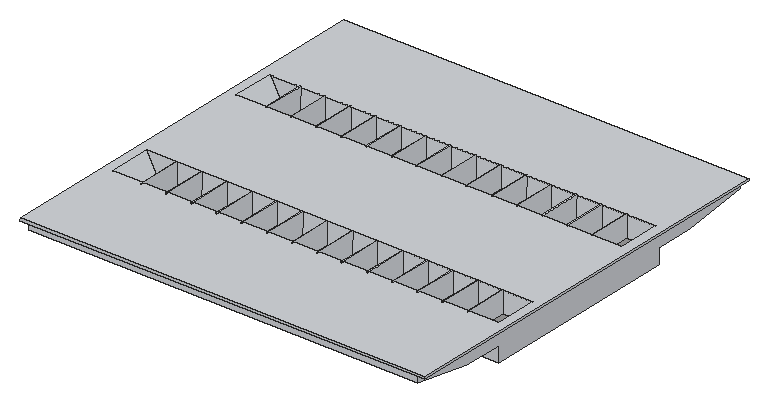
Revit family "0052586 Sylvania Lighting Fixture RANA NEO 3300LM REC 600x600 830 SSC EM 2L WHITE", category Lighting Fixtures, host Face, Revit 2016
Family settings
  Host = Face
  Part Type = Normal
  Round Connector Dimension = Use Diameter
  OmniClass Number = 23.80.70.00
  OmniClass Title = Lighting
  Cut with Voids When Loaded = No
  Light Source = Yes
  Shared = No
  Room Calculation Point = No
Parameters (values of type "0052586 RANA NEO 3300LM R 600 830 SSC EM 2L WHT")
  fin7 = 37 mm
  fin3 = 332 mm
  fin2 [instance] = 368 mm
  fin 6 = 110 mm
  fin 5 = 185 mm
  fin 4 = 258 mm
  fin 3 [instance] = 318 mm
  fin 2 = 407 mm
  fin 1 = 480 mm
  Width_SYL = if([600x600_SYL], 595 mm, if([625x625_SYL], 620 mm, if([1200_SYL], 296 mm, 306 mm)))  # 595 mm
  Weight = "n/a"
  Wattage Comments = ""
  Wattage = 28 W
  WarrantyStartDate [instance] = "n/a"
  WarrantyGuarantorParts = "n/a"
  WarrantyDurationUnit = "n/a"
  WarrantyDurationParts = ""
  WarrantyDescription = "http://www.sylvania-lighting.com"
  built-in parameter 1150110 = 1 (stored number, unit not read)
  Voltage = 0 V
  URL = "0.95"
  TypeName = "RANA NEO 3300LM REC 600x600 830 SSC EM 2L WHITE"
  Type Image = <None>
  Type Comments = "n/a"
  built-in parameter 1114217 = 1 (stored number, unit not read)
  TopWidth_SYL = if([600x600_SYL], 295 mm, if([625x625_SYL], 295 mm, if([1200_SYL], 165 mm, 165 mm)))  # 295 mm
  Tilt Angle = -90.00°
  built-in parameter 1150109 = 1 (stored number, unit not read)
  built-in parameter 1150134 = (empty or 0)
  built-in parameter 1150113 = 1 (stored number, unit not read)
  SlopeTopWidth_SYL = if([600x600_SYL], 410 mm, if([625x625_SYL], 410 mm, if([1200_SYL], 168 mm, 168 mm)))  # 410 mm
  SlopeBottomWidth_SYL = if([600x600_SYL], 593 mm, if([625x625_SYL], 593 mm, if([1200_SYL], 244 mm, 244 mm)))  # 593 mm
  SlopeHeight_SYL = if([600x600_SYL], 17 mm, if([625x625_SYL], 17 mm, if([1200_SYL], 40 mm, 40 mm)))  # 17 mm
  SerialNumber [instance] = "n/a"
  ReflectorNumber_SYL = if([1Ref_SYL], 2, if([2Ref_SYL], 2, 3))  # 2
  ReflectorLength_SYL = Length_SYL - Inset_SYL * 2 - 5 mm  # 550 mm
  ReflectorInset_SYL = if([1Ref_SYL], 82.4 mm, if([2Ref_SYL], 30 mm, 30 mm))  # 30 mm
  Photometric Web File = "0052586.ies"
  Material_3_SYL = none
  PowerFactor = 0.95
  PowerConsumption = "Lighting"
  NominalLength = 595 mm
  NominalHeight = 60 mm
  NominalDepth = 595 mm
  Name = "RANA NEO 3300LM REC 600x600 830 SSC EM 2L WHITE"
  ModelReference = Name  # "RANA NEO 3300LM REC 600x600 830 SSC EM 2L WHITE"
  ModelNumber = "0052586"
  Model = Name  # "RANA NEO 3300LM REC 600x600 830 SSC EM 2L WHITE"
  Material = "Feilo Sylvania"
  ManufacturerName = "101 lm/W"
  Manufacturer = ""
  LuminousEfficacy = ""
  built-in parameter 1150105 = 222.82 (stored number, unit not read)
  Lumens = 2800 lm
  LuminaireType = "0"
  built-in parameter 1150115 = 1 (stored number, unit not read)
  LouverNumber_SYL = if([600x600_SYL], 14, if([625x625_SYL], 14, if([1200_SYL], 28, 28)))  # 14
  LightOutputRatio = "LED"
  built-in parameter 1150137 = (empty or 0)
  built-in parameter 1150139 = (empty or 0)
  Length_SYL = if([600x600_SYL], 595 mm, if([625x625_SYL], 620 mm, if([1200_SYL], 1196 mm, 1246 mm)))  # 595 mm
  LampsType = Lamp  # "n/a"
  LampNominalLuminous = "3000 K"
  LampMacAdamStep = "80"
  LampColourTemperature = "LED"
  LampColourRenderingIndex = "16500"
  built-in parameter 1150112 = 1 (stored number, unit not read)
  built-in parameter 1150114 = 1 (stored number, unit not read)
  Lamp = "n/a"
  LED position [instance] = 410 mm
  LED inside width = 165 mm
  LED inner void = 521.5 mm
  LED Width = 290 mm
  LED Length = 568 mm
  Keynote = "n/a"
  InstallationDate [instance] = "n/a"
  Inset_SYL = 20 mm  # constant formula
  InputVoltage = "0"
  InputNominalFrequency = "3000"
  built-in parameter 1150132 = (empty or 0)
  built-in parameter 1150102 = (empty or 0)
  built-in parameter 1150107 = 3000 (stored number, unit not read)
  built-in parameter 1150138 = (empty or 0)
  IngressProtection = "IfcLightFixtureType"
  ImpactProtectionIndex = "IfcLightFixtureType"
  built-in parameter 1150106 = 2.2282 (stored number, unit not read)
  IfcExportType = "IfcLightFixtureType"
  IfcExportAs = "Class I"
  Height = 52 mm
  Emit from Rectangle Width = if([1Ref_SYL], 48 mm, TopWidth_SYL - 13 mm)  # 282 mm
  Emit from Rectangle Length = ReflectorLength_SYL - 8 mm  # 542 mm
  Emit Shape Visible in Rendering = no
  ElectricShockClassification = "101"
  built-in parameter 1150104 = 9.2903 (stored number, unit not read)
  DocumentationLiterature = "http://www.sylvania-lighting.com/product/en-int/products/0052586"
  DimmingControlOptions = "n/a"
  Material_2_SYL = none
  Dimming Lamp Color Temperature Shift = <None>
  Description = "-"
  Default Elevation = 1219.2 mm
  CreatedOn = "25/11/2019"
  CreatedBy = "@sylvania-lighting.com"
  Cost = 0
  Color Filter = 16777215
  built-in parameter 1114216 [instance] = (empty or 0)
  ClassificationValue = "EF_70_80"
  ClassificationName = "Uniclass2015"
  Material_1_SYL = none
  BarCode [instance] = "n/a"
  built-in parameter 1114218 = 1 (stored number, unit not read)
  built-in parameter 1150133 = 10 (stored number, unit not read)
  AssetType = "Fixed"
  AssetIdentifier [instance] = "n/a"
  Assembly Code = "D5020200"
  Apparent Load = 33 VA
  Material_4_SYL = none
  625x625_SYL = no
  600x600_SYL = yes
  2Ref_SYL = yes
  1Ref_SYL = no
  1200_SYL = no
Reference planes
  plane 1 "Center (Front/Back)": y = 0
  plane 2: z = 0
  plane 3 "Center (Left/Right)": x = 0
  plane 4: x = 297.5
  plane 5: x = -297.5
  plane 6: y = 297.5
  plane 7: y = -297.5
  plane 8: z = -120
  plane 9: z = -3
  plane 10: z = -12
  plane 11: z = -29
  plane 12: z = -52
  plane 13: y = -296.5
  plane 14: y = 296.5
  plane 15: y = 145
  plane 16: y = -145
  plane 17: y = 82.5
  plane 18: y = -82.5
  plane 19: x = -284
  plane 20: x = 284
  plane 21: y = 141
  plane 22: y = 86.5
  plane 23: x = -264
  plane 24: x = 257.5
  plane 25: x = -286
  plane 26: x = 286
  plane 27: y = -86.5
  plane 28: y = -141
  plane 29: x = 18.5
  plane 30: x = -18.5
  plane 31: x = 55
  plane 32: x = -55
  plane 33: x = 92.5
  plane 34: x = -92.5
  plane 35: x = 129
  plane 36: x = -129
  plane 37: x = 166
  plane 38: x = -166
  plane 39: x = -203.5
  plane 40: x = 203.5
  plane 41: x = -240
  plane 42: x = 240
  plane 43: x = 169.5
  plane 44: x = 162.5
  plane 45: x = 166.5
  plane 46: x = 165.5
Forms (mm)
  Extrusion 1, void
    sketch origin (0, 0, 0) x (1, 0, 0) y (0, 1, 0)
      loop
        line (-297.5, 297.5) -> (-297.5, -297.5) -> (297.5, -297.5) -> (297.5, 297.5) -> (-297.5, 297.5)
    from -120 to 0
  Extrusion 2, solid, detail levels medium+fine
    sketch origin (0, 0, 0) x (0, 1, 0) y (0, 0, 1)
      loop
        line (-296.5, 0) -> (-296.5, -12) -> (-205, -29) -> (-147.5, -29) -> (-147.5, -52) -> (147.5, -52) -> (147.5, -29) -> (205, -29) -> (296.5, -17.514) -> (296.5, 0) -> (-296.5, 0)
    from -286 to 286
  Extrusion 3, solid, detail levels medium+fine
    sketch origin (275, 1524, 1219.2) x (0, 1, 0) y (0, 0, 1)
      loop
        line (-1226.5, -1222.2) -> (-1226.5, -1219.2) -> (-1820.5, -1219.2) -> (-1820.5, -1222.2) -> (-1226.5, -1222.2)
    from 11 to 22.5
  Extrusion 4, solid, detail levels medium+fine
    sketch origin (-275, 1524, 1219.2) x (0, 1, 0) y (0, 0, 1)
      loop
        line (-1820.5, -1222.2) -> (-1227.5, -1222.2) -> (-1227.5, -1219.2) -> (-1820.5, -1219.2) -> (-1820.5, -1222.2)
    from -11 to -22.5
  Extrusion 5, solid, detail levels medium+fine
    sketch origin (0, 0, 0) x (0, 1, 0) y (0, 0, 1)
      loop
        line (-297.5, 0) -> (-297.5, -3) -> (-296.5, -3) -> (-296.5, 0) -> (-297.5, 0)
      loop
        line (297.5, -3) -> (297.5, 0) -> (296.5, 0) -> (296.5, -3) -> (297.5, -3)
    from -297.5 to 297.5
  Blend 6, void
    base sketch origin (0, 0, 0) x (1, 0, 0) y (0, 1, 0)
      loop
        line (-284, 145) -> (-284, 82.5) -> (284, 82.5) -> (284, 145) -> (-284, 145)
    top sketch origin (0, 0, 0) x (1, 0, 0) y (0, 1, 0)
      loop
        line (-264, 141) -> (-264, 86.5) -> (257.5, 86.5) -> (257.5, 141) -> (-264, 141)
    from 0 to -29
  Blend 7, void
    base sketch origin (0, 0, 0) x (1, 0, 0) y (0, 1, 0)
      loop
        line (-284, -82.5) -> (-284, -145) -> (284, -145) -> (284, -82.5) -> (-284, -82.5)
    top sketch origin (0, 0, 0) x (1, 0, 0) y (0, 1, 0)
      loop
        line (257.5, -86.5) -> (-264, -86.5) -> (-264, -141) -> (257.5, -141) -> (257.5, -86.5)
    from 0 to -29
  Extrusion 8, solid, detail levels fine
    sketch origin (0, 0, 0) x (1, 0, 0) y (0, 0, 1)
      loop
        line (162.5, -29) -> (169.5, -29) -> (166.5, 0) -> (165.5, 0) -> (162.5, -29)
    from -145 to -82.5
  Extrusion 9, solid, detail levels fine
    sketch origin (37.5, 0, 0) x (1, 0, 0) y (0, 0, 1)
      loop
        line (162.5, -29) -> (169.5, -29) -> (166.5, 0) -> (165.5, 0) -> (162.5, -29)
    from -145 to -82.5
  Extrusion 10, solid, detail levels fine
    sketch origin (74, 0, 0) x (1, 0, 0) y (0, 0, 1)
      loop
        line (162.5, -29) -> (169.5, -29) -> (166.5, 0) -> (165.5, 0) -> (162.5, -29)
    from -145 to -82.5
  Extrusion 11, solid, detail levels fine
    sketch origin (-37, 0, 0) x (1, 0, 0) y (0, 0, 1)
      loop
        line (162.5, -29) -> (169.5, -29) -> (166.5, 0) -> (165.5, 0) -> (162.5, -29)
    from -145 to -82.5
  Extrusion 12, solid, detail levels fine
    sketch origin (-73.5, 0, 0) x (1, 0, 0) y (0, 0, 1)
      loop
        line (162.5, -29) -> (169.5, -29) -> (166.5, 0) -> (165.5, 0) -> (162.5, -29)
    from -145 to -82.5
  Extrusion 13, solid, detail levels fine
    sketch origin (-111, 0, 0) x (1, 0, 0) y (0, 0, 1)
      loop
        line (162.5, -29) -> (169.5, -29) -> (166.5, 0) -> (165.5, 0) -> (162.5, -29)
    from -145 to -82.5
  Extrusion 14, solid, detail levels fine
    sketch origin (-147.5, 0, 0) x (1, 0, 0) y (0, 0, 1)
      loop
        line (162.5, -29) -> (169.5, -29) -> (166.5, 0) -> (165.5, 0) -> (162.5, -29)
    from -145 to -82.5
  Extrusion 15, solid, detail levels fine
    sketch origin (-184.5, 0, 0) x (1, 0, 0) y (0, 0, 1)
      loop
        line (162.5, -29) -> (169.5, -29) -> (166.5, 0) -> (165.5, 0) -> (162.5, -29)
    from -145 to -82.5
  Extrusion 16, solid, detail levels fine
    sketch origin (-221, 0, 0) x (1, 0, 0) y (0, 0, 1)
      loop
        line (162.5, -29) -> (169.5, -29) -> (166.5, 0) -> (165.5, 0) -> (162.5, -29)
    from -145 to -82.5
  Extrusion 17, solid, detail levels fine
    sketch origin (-258.5, 0, 0) x (1, 0, 0) y (0, 0, 1)
      loop
        line (162.5, -29) -> (169.5, -29) -> (166.5, 0) -> (165.5, 0) -> (162.5, -29)
    from -145 to -82.5
  Extrusion 18, solid, detail levels fine
    sketch origin (-295, 0, 0) x (1, 0, 0) y (0, 0, 1)
      loop
        line (162.5, -29) -> (169.5, -29) -> (166.5, 0) -> (165.5, 0) -> (162.5, -29)
    from -145 to -82.5
  Extrusion 19, solid, detail levels fine
    sketch origin (-332, 0, 0) x (1, 0, 0) y (0, 0, 1)
      loop
        line (162.5, -29) -> (169.5, -29) -> (166.5, 0) -> (165.5, 0) -> (162.5, -29)
    from -145 to -82.5
  Extrusion 20, solid, detail levels fine
    sketch origin (-369.5, 0, 0) x (1, 0, 0) y (0, 0, 1)
      loop
        line (162.5, -29) -> (169.5, -29) -> (166.5, 0) -> (165.5, 0) -> (162.5, -29)
    from -145 to -82.5
  Extrusion 21, solid, detail levels fine
    sketch origin (-406, 0, 0) x (1, 0, 0) y (0, 0, 1)
      loop
        line (162.5, -29) -> (169.5, -29) -> (166.5, 0) -> (165.5, 0) -> (162.5, -29)
    from -145 to -82.5
  Extrusion 22, solid, detail levels fine
    sketch origin (-406.072, 0, -0.017) x (1, 0, 0) y (0, 0, 1)
      loop
        line (162.5, -29) -> (169.5, -29) -> (166.5, 0) -> (165.5, 0) -> (162.5, -29)
    from 82.5 to 147.5
  Extrusion 23, solid, detail levels fine
    sketch origin (-369.572, 0, -0.017) x (1, 0, 0) y (0, 0, 1)
      loop
        line (162.5, -29) -> (169.5, -29) -> (166.5, 0) -> (165.5, 0) -> (162.5, -29)
    from 82.5 to 147.5
  Extrusion 24, solid, detail levels fine
    sketch origin (-331.998, 0, -0.017) x (1, 0, 0) y (0, 0, 1)
      loop
        line (162.5, -29) -> (169.5, -29) -> (166.5, 0) -> (165.5, 0) -> (162.5, -29)
    from 82.5 to 147.5
  Extrusion 25, solid, detail levels fine
    sketch origin (-294.998, 0, -0.017) x (1, 0, 0) y (0, 0, 1)
      loop
        line (162.5, -29) -> (169.5, -29) -> (166.5, 0) -> (165.5, 0) -> (162.5, -29)
    from 82.5 to 147.5
  Extrusion 26, solid, detail levels fine
    sketch origin (-258.498, 0, -0.017) x (1, 0, 0) y (0, 0, 1)
      loop
        line (162.5, -29) -> (169.5, -29) -> (166.5, 0) -> (165.5, 0) -> (162.5, -29)
    from 82.5 to 147.5
  Extrusion 27, solid, detail levels fine
    sketch origin (-221, 0, -0.017) x (1, 0, 0) y (0, 0, 1)
      loop
        line (162.5, -29) -> (169.5, -29) -> (166.5, 0) -> (165.5, 0) -> (162.5, -29)
    from 82.5 to 147.5
  Extrusion 28, solid, detail levels fine
    sketch origin (-184.5, 0, -0.017) x (1, 0, 0) y (0, 0, 1)
      loop
        line (162.5, -29) -> (169.5, -29) -> (166.5, 0) -> (165.5, 0) -> (162.5, -29)
    from 82.5 to 147.5
  Extrusion 29, solid, detail levels fine
    sketch origin (-147.5, 0, -0.017) x (1, 0, 0) y (0, 0, 1)
      loop
        line (162.5, -29) -> (169.5, -29) -> (166.5, 0) -> (165.5, 0) -> (162.5, -29)
    from 82.5 to 147.5
  Extrusion 30, solid, detail levels fine
    sketch origin (-111, 0, -0.017) x (1, 0, 0) y (0, 0, 1)
      loop
        line (162.5, -29) -> (169.5, -29) -> (166.5, 0) -> (165.5, 0) -> (162.5, -29)
    from 82.5 to 147.5
  Extrusion 31, solid, detail levels fine
    sketch origin (-73.5, 0, -0.017) x (1, 0, 0) y (0, 0, 1)
      loop
        line (162.5, -29) -> (169.5, -29) -> (166.5, 0) -> (165.5, 0) -> (162.5, -29)
    from 82.5 to 147.5
  Extrusion 32, solid, detail levels fine
    sketch origin (-37, 0, -0.017) x (1, 0, 0) y (0, 0, 1)
      loop
        line (162.5, -29) -> (169.5, -29) -> (166.5, 0) -> (165.5, 0) -> (162.5, -29)
    from 82.5 to 147.5
  Extrusion 33, solid, detail levels fine
    sketch origin (0, 0, -0.017) x (1, 0, 0) y (0, 0, 1)
      loop
        line (162.5, -29) -> (169.5, -29) -> (166.5, 0) -> (165.5, 0) -> (162.5, -29)
    from 82.5 to 147.5
  Extrusion 34, solid, detail levels fine
    sketch origin (37.5, 0, -0.017) x (1, 0, 0) y (0, 0, 1)
      loop
        line (162.5, -29) -> (169.5, -29) -> (166.5, 0) -> (165.5, 0) -> (162.5, -29)
    from 82.5 to 147.5
  Extrusion 35, solid, detail levels fine
    sketch origin (74, 0, -0.017) x (1, 0, 0) y (0, 0, 1)
      loop
        line (162.5, -29) -> (169.5, -29) -> (166.5, 0) -> (165.5, 0) -> (162.5, -29)
    from 82.5 to 147.5
  Extrusion 36, solid, material "Glass, White, High Luminance", detail levels fine
    sketch origin (0, 0, 0) x (1, 0, 0) y (0, 1, 0)
      loop
        line (-264, 141) -> (-264, 86.5) -> (257.5, 86.5) -> (257.5, 141) -> (-264, 141)
    from -29 to -28
  Extrusion 37, solid, material "Glass, White, High Luminance", detail levels fine
    sketch origin (0, 0, 0) x (1, 0, 0) y (0, 1, 0)
      loop
        line (-264, -86.5) -> (-264, -141) -> (257.5, -141) -> (257.5, -86.5) -> (-264, -86.5)
    from -29 to -28
  Extrusion 38, solid, detail levels coarse
    sketch origin (0, 0, 0) x (1, 0, 0) y (0, 1, 0)
      loop
        line (-297.5, 297.5) -> (-297.5, -297.5) -> (297.5, -297.5) -> (297.5, 297.5) -> (-297.5, 297.5)
    from -52 to 0
Cuts and joins
  Blend 6, Blend 7 cuts Extrusion 2
  Blend 6, Blend 7 cuts Extrusion 3
  Blend 6, Blend 7 cuts Extrusion 4
  Blend 6, Blend 7 cuts Extrusion 5
  joined: Extrusion 2, Extrusion 3, Extrusion 4, Extrusion 5
Dimensions and locks
  "Length_SYL": plane 5 to plane 4
  locked: plane 2 to plane 8 at 120
  locked: plane 2 to plane 9 at 3
  locked: plane 2 to plane 10 at 12
  "SlopeHeight_SYL": plane 11 to plane 10
  "Height": plane 2 to plane 12
  equal spacing: plane 13, plane 1 "Center (Front/Back)", plane 14
  "SlopeBottomWidth_SYL": plane 13 to plane 14
  "LED Width": plane 15 to plane 16
  equal spacing: plane 15, plane 1 "Center (Front/Back)", plane 16
  "LED inside width": plane 17 to plane 18
  equal spacing: plane 17, plane 1 "Center (Front/Back)", plane 18
  "LED Length": plane 19 to plane 20
  equal spacing: plane 19, plane 3 "Center (Left/Right)", plane 20
  "LED inner void": plane 23 to plane 24
  "fin7": plane 29 to plane 30
  equal spacing: plane 29, plane 3 "Center (Left/Right)", plane 30
  "fin 6": plane 31 to plane 32
  equal spacing: plane 31, plane 3 "Center (Left/Right)", plane 32
  "fin 5": plane 33 to plane 34
  equal spacing: plane 33, plane 3 "Center (Left/Right)", plane 34
  "fin 4": plane 35 to plane 36
  equal spacing: plane 35, plane 3 "Center (Left/Right)", plane 36
  "fin 2": plane 40 to plane 39
  equal spacing: plane 40, plane 3 "Center (Left/Right)", plane 39
  "fin3": plane 37 to plane 38
  equal spacing: plane 37, plane 3 "Center (Left/Right)", plane 38
  "fin 1": plane 42 to plane 41
  equal spacing: plane 42, plane 3 "Center (Left/Right)", plane 41
  aligned and locked: plane 2 to host face
  aligned and locked: level to host face
  aligned and locked: plane 6 to Extrusion 1 sketch curve
  aligned and locked: plane 5 to Extrusion 1 sketch curve
  aligned and locked: Extrusion 1 sketch curve to plane 7
  aligned and locked: Extrusion 1 sketch curve to plane 4
  aligned and locked: level to Extrusion 1
  aligned and locked: plane 8 to Extrusion 1
  aligned and locked: plane 2 to Extrusion 1
  aligned and locked: plane 10 to Extrusion 2 sketch curve
  aligned and locked: plane 12 to Extrusion 2 sketch curve
  aligned and locked: plane 11 to Extrusion 2 sketch curve  (x2)
  aligned and locked: Extrusion 2 sketch curve to level
  aligned and locked: Extrusion 3 sketch curve to Extrusion 2
  aligned and locked: plane 6 to Extrusion 3 sketch curve
  aligned and locked: plane 4 to Extrusion 3
  aligned and locked: cut or joined group of Extrusion 2, Extrusion 3, Extrusion 4, Extrusion 5, Blend 6, Blend 7 to Extrusion 4 sketch curve  (x3)
  aligned and locked: Extrusion 4 sketch curve to cut or joined group of Extrusion 2, Extrusion 3, Extrusion 4, Extrusion 5, Blend 6, Blend 7
  aligned and locked: Extrusion 4 to plane 5
  aligned and locked: Extrusion 3 to Extrusion 2
  aligned and locked: Extrusion 4 to Extrusion 2
  aligned and locked: plane 14 to Extrusion 2 sketch curve
  aligned and locked: plane 13 to Extrusion 2 sketch curve
  aligned and locked: Extrusion 5 sketch curve to level  (x2)
  aligned and locked: Extrusion 5 sketch curve to plane 7
  aligned and locked: Extrusion 5 sketch curve to cut or joined group of Extrusion 2, Extrusion 3, Extrusion 4, Extrusion 5, Blend 6, Blend 7  (x4)
  aligned and locked: cut or joined group of Extrusion 2, Extrusion 3, Extrusion 4, Extrusion 5, Blend 6, Blend 7 to Extrusion 5 sketch curve
  aligned and locked: Extrusion 5 to plane 5
  aligned and locked: plane 4 to Extrusion 5
Automatic sketch dimensions
  host sketch curve to host sketch curve = 1219.2 mm
  host sketch curve to host sketch curve = 1211.616 mm
  Extrusion 2 sketch curve to plane 16 = 60 mm
  Extrusion 2 sketch curve to plane 16 = 2.5 mm
  plane 15 to Extrusion 2 sketch curve = 2.5 mm
  Extrusion 2 sketch curve to Extrusion 2 sketch curve = 57.5 mm
  plane 10 to Extrusion 2 sketch curve = 5.514 mm
  plane 9 to Extrusion 3 sketch curve = 0 mm
  Extrusion 3 sketch curve to plane 13 = 0 mm
  Blend 6 sketch curve to plane 17 = 0 mm
  Blend 6 sketch curve to plane 19 = 0 mm
  Blend 6 sketch curve to plane 20 = 0 mm
  Blend 6 sketch curve to plane 15 = 0 mm
  Blend 6 sketch curve to plane 22 = 0 mm
  Blend 6 sketch curve to plane 23 = 0 mm
  Blend 6 sketch curve to plane 24 = 0 mm
  Blend 6 sketch curve to plane 21 = 0 mm
  Blend 7 sketch curve to plane 16 = 0 mm
  Blend 7 sketch curve to plane 19 = 0 mm
  Blend 7 sketch curve to plane 20 = 0 mm
  Blend 7 sketch curve to plane 18 = 0 mm
  Blend 7 sketch curve to plane 23 = 0 mm
  Blend 7 sketch curve to plane 24 = 0 mm
  Blend 7 sketch curve to plane 28 = 0 mm
  Blend 7 sketch curve to plane 27 = 0 mm
  Extrusion 8 sketch curve to plane 11 = 0 mm
  Extrusion 8 sketch curve to plane 44 = 0 mm
  Extrusion 8 sketch curve to level = 0 mm
  Extrusion 8 sketch curve to plane 46 = 0 mm
  Extrusion 8 sketch curve to plane 45 = 0 mm
  Extrusion 8 sketch curve to plane 43 = 0 mm
  Extrusion 9 sketch curve to plane 11 = 0 mm
  Extrusion 9 sketch curve to level = 0 mm
  Extrusion 9 sketch curve to plane 40 = 3.5 mm
  Extrusion 9 sketch curve to plane 40 = 0.5 mm
  plane 40 to Extrusion 9 sketch curve = 0.5 mm
  plane 40 to Extrusion 9 sketch curve = 3.5 mm
  Extrusion 10 sketch curve to plane 11 = 0 mm
  Extrusion 10 sketch curve to level = 0 mm
  Extrusion 10 sketch curve to plane 42 = 3.5 mm
  Extrusion 10 sketch curve to plane 42 = 0.5 mm
  plane 42 to Extrusion 10 sketch curve = 0.5 mm
  plane 42 to Extrusion 10 sketch curve = 3.5 mm
  Extrusion 11 sketch curve to plane 11 = 0 mm
  Extrusion 11 sketch curve to level = 0 mm
  Extrusion 11 sketch curve to plane 35 = 3.5 mm
  Extrusion 11 sketch curve to plane 35 = 0.5 mm
  plane 35 to Extrusion 11 sketch curve = 0.5 mm
  plane 35 to Extrusion 11 sketch curve = 3.5 mm
  Extrusion 12 sketch curve to plane 11 = 0 mm
  Extrusion 12 sketch curve to level = 0 mm
  Extrusion 12 sketch curve to plane 33 = 3.5 mm
  Extrusion 12 sketch curve to plane 33 = 0.5 mm
  plane 33 to Extrusion 12 sketch curve = 0.5 mm
  plane 33 to Extrusion 12 sketch curve = 3.5 mm
  Extrusion 13 sketch curve to plane 11 = 0 mm
  Extrusion 13 sketch curve to level = 0 mm
  Extrusion 13 sketch curve to plane 31 = 3.5 mm
  Extrusion 13 sketch curve to plane 31 = 0.5 mm
  plane 31 to Extrusion 13 sketch curve = 0.5 mm
  plane 31 to Extrusion 13 sketch curve = 3.5 mm
  Extrusion 14 sketch curve to plane 11 = 0 mm
  Extrusion 14 sketch curve to level = 0 mm
  Extrusion 14 sketch curve to plane 29 = 3.5 mm
  Extrusion 14 sketch curve to plane 29 = 0.5 mm
  plane 29 to Extrusion 14 sketch curve = 0.5 mm
  plane 29 to Extrusion 14 sketch curve = 3.5 mm
  Extrusion 15 sketch curve to plane 11 = 0 mm
  Extrusion 15 sketch curve to level = 0 mm
  Extrusion 15 sketch curve to plane 30 = 3.5 mm
  Extrusion 15 sketch curve to plane 30 = 0.5 mm
  plane 30 to Extrusion 15 sketch curve = 0.5 mm
  plane 30 to Extrusion 15 sketch curve = 3.5 mm
  Extrusion 16 sketch curve to plane 11 = 0 mm
  Extrusion 16 sketch curve to level = 0 mm
  Extrusion 16 sketch curve to plane 32 = 3.5 mm
  Extrusion 16 sketch curve to plane 32 = 0.5 mm
  plane 32 to Extrusion 16 sketch curve = 0.5 mm
  plane 32 to Extrusion 16 sketch curve = 3.5 mm
  Extrusion 17 sketch curve to plane 11 = 0 mm
  Extrusion 17 sketch curve to level = 0 mm
  Extrusion 17 sketch curve to plane 34 = 3.5 mm
  Extrusion 17 sketch curve to plane 34 = 0.5 mm
  plane 34 to Extrusion 17 sketch curve = 0.5 mm
  plane 34 to Extrusion 17 sketch curve = 3.5 mm
  Extrusion 18 sketch curve to plane 11 = 0 mm
  Extrusion 18 sketch curve to level = 0 mm
  Extrusion 18 sketch curve to plane 36 = 3.5 mm
  Extrusion 18 sketch curve to plane 36 = 0.5 mm
  plane 36 to Extrusion 18 sketch curve = 0.5 mm
  plane 36 to Extrusion 18 sketch curve = 3.5 mm
  Extrusion 19 sketch curve to plane 11 = 0 mm
  Extrusion 19 sketch curve to level = 0 mm
  Extrusion 19 sketch curve to plane 38 = 3.5 mm
  Extrusion 19 sketch curve to plane 38 = 0.5 mm
  plane 38 to Extrusion 19 sketch curve = 0.5 mm
  plane 38 to Extrusion 19 sketch curve = 3.5 mm
  Extrusion 20 sketch curve to plane 11 = 0 mm
  Extrusion 20 sketch curve to level = 0 mm
  Extrusion 20 sketch curve to plane 39 = 3.5 mm
  Extrusion 20 sketch curve to plane 39 = 0.5 mm
  plane 39 to Extrusion 20 sketch curve = 0.5 mm
  plane 39 to Extrusion 20 sketch curve = 3.5 mm
  Extrusion 21 sketch curve to plane 11 = 0 mm
  Extrusion 21 sketch curve to level = 0 mm
  Extrusion 21 sketch curve to plane 41 = 3.5 mm
  Extrusion 21 sketch curve to plane 41 = 0.5 mm
  plane 41 to Extrusion 21 sketch curve = 0.5 mm
  plane 41 to Extrusion 21 sketch curve = 3.5 mm
  plane 11 to Extrusion 22 sketch curve = 0.017 mm
  Extrusion 22 sketch curve to plane 41 = 3.572 mm
  Extrusion 22 sketch curve to level = 0.017 mm
  Extrusion 22 sketch curve to plane 41 = 0.572 mm
  plane 41 to Extrusion 22 sketch curve = 0.428 mm
  plane 41 to Extrusion 22 sketch curve = 3.428 mm
  plane 11 to Extrusion 23 sketch curve = 0.017 mm
  Extrusion 23 sketch curve to plane 39 = 3.572 mm
  Extrusion 23 sketch curve to level = 0.017 mm
  Extrusion 23 sketch curve to plane 39 = 0.572 mm
  plane 39 to Extrusion 23 sketch curve = 0.428 mm
  plane 39 to Extrusion 23 sketch curve = 3.428 mm
  plane 11 to Extrusion 24 sketch curve = 0.017 mm
  Extrusion 24 sketch curve to plane 38 = 3.498 mm
  Extrusion 24 sketch curve to level = 0.017 mm
  Extrusion 24 sketch curve to plane 38 = 0.498 mm
  plane 38 to Extrusion 24 sketch curve = 0.502 mm
  plane 38 to Extrusion 24 sketch curve = 3.502 mm
  plane 11 to Extrusion 25 sketch curve = 0.017 mm
  Extrusion 25 sketch curve to plane 36 = 3.498 mm
  Extrusion 25 sketch curve to level = 0.017 mm
  Extrusion 25 sketch curve to plane 36 = 0.498 mm
  plane 36 to Extrusion 25 sketch curve = 0.502 mm
  plane 36 to Extrusion 25 sketch curve = 3.502 mm
  plane 11 to Extrusion 26 sketch curve = 0.017 mm
  Extrusion 26 sketch curve to plane 34 = 3.498 mm
  Extrusion 26 sketch curve to level = 0.017 mm
  Extrusion 26 sketch curve to plane 34 = 0.498 mm
  plane 34 to Extrusion 26 sketch curve = 0.502 mm
  plane 34 to Extrusion 26 sketch curve = 3.502 mm
  plane 11 to Extrusion 27 sketch curve = 0.017 mm
  Extrusion 27 sketch curve to plane 32 = 3.5 mm
  Extrusion 27 sketch curve to level = 0.017 mm
  Extrusion 27 sketch curve to plane 32 = 0.5 mm
  plane 32 to Extrusion 27 sketch curve = 0.5 mm
  plane 32 to Extrusion 27 sketch curve = 3.5 mm
  plane 11 to Extrusion 28 sketch curve = 0.017 mm
  Extrusion 28 sketch curve to plane 30 = 3.5 mm
  Extrusion 28 sketch curve to level = 0.017 mm
  Extrusion 28 sketch curve to plane 30 = 0.5 mm
  plane 30 to Extrusion 28 sketch curve = 0.5 mm
  plane 30 to Extrusion 28 sketch curve = 3.5 mm
  plane 11 to Extrusion 29 sketch curve = 0.017 mm
  Extrusion 29 sketch curve to plane 29 = 3.5 mm
  Extrusion 29 sketch curve to level = 0.017 mm
  Extrusion 29 sketch curve to plane 29 = 0.5 mm
  plane 29 to Extrusion 29 sketch curve = 0.5 mm
  plane 29 to Extrusion 29 sketch curve = 3.5 mm
  plane 11 to Extrusion 30 sketch curve = 0.017 mm
  Extrusion 30 sketch curve to plane 31 = 3.5 mm
  Extrusion 30 sketch curve to level = 0.017 mm
  Extrusion 30 sketch curve to plane 31 = 0.5 mm
  plane 31 to Extrusion 30 sketch curve = 0.5 mm
  plane 31 to Extrusion 30 sketch curve = 3.5 mm
  plane 11 to Extrusion 31 sketch curve = 0.017 mm
  Extrusion 31 sketch curve to plane 33 = 3.5 mm
  Extrusion 31 sketch curve to level = 0.017 mm
  Extrusion 31 sketch curve to plane 33 = 0.5 mm
  plane 33 to Extrusion 31 sketch curve = 0.5 mm
  plane 33 to Extrusion 31 sketch curve = 3.5 mm
  plane 11 to Extrusion 32 sketch curve = 0.017 mm
  Extrusion 32 sketch curve to plane 35 = 3.5 mm
  Extrusion 32 sketch curve to level = 0.017 mm
  Extrusion 32 sketch curve to plane 35 = 0.5 mm
  plane 35 to Extrusion 32 sketch curve = 0.5 mm
  plane 35 to Extrusion 32 sketch curve = 3.5 mm
  Extrusion 33 sketch curve to plane 44 = 0 mm
  Extrusion 33 sketch curve to plane 46 = 0 mm
  Extrusion 33 sketch curve to plane 45 = 0 mm
  Extrusion 33 sketch curve to plane 43 = 0 mm
  plane 11 to Extrusion 33 sketch curve = 0.017 mm
  Extrusion 33 sketch curve to level = 0.017 mm
  plane 11 to Extrusion 34 sketch curve = 0.017 mm
  Extrusion 34 sketch curve to plane 40 = 3.5 mm
  Extrusion 34 sketch curve to level = 0.017 mm
  Extrusion 34 sketch curve to plane 40 = 0.5 mm
  plane 40 to Extrusion 34 sketch curve = 0.5 mm
  plane 40 to Extrusion 34 sketch curve = 3.5 mm
  plane 11 to Extrusion 35 sketch curve = 0.017 mm
  Extrusion 35 sketch curve to plane 42 = 3.5 mm
  Extrusion 35 sketch curve to level = 0.017 mm
  Extrusion 35 sketch curve to plane 42 = 0.5 mm
  plane 42 to Extrusion 35 sketch curve = 0.5 mm
  plane 42 to Extrusion 35 sketch curve = 3.5 mm
  Extrusion 36 sketch curve to plane 22 = 0 mm
  Extrusion 36 sketch curve to plane 23 = 0 mm
  Extrusion 36 sketch curve to plane 24 = 0 mm
  Extrusion 36 sketch curve to plane 21 = 0 mm
  Extrusion 37 sketch curve to plane 23 = 0 mm
  Extrusion 37 sketch curve to plane 24 = 0 mm
  Extrusion 37 sketch curve to plane 28 = 0 mm
  Extrusion 37 sketch curve to plane 27 = 0 mm
  Extrusion 38 sketch curve to plane 5 = 0 mm
  Extrusion 38 sketch curve to plane 4 = 0 mm
  plane 7 to Extrusion 38 sketch curve = 0 mm
  plane 6 to Extrusion 38 sketch curve = 0 mm
Connectors
  electrical at (0, 0, -52), driven by "Voltage", driven by "Apparent Load", driven by "PowerFactor"
    settings: on cut or joined group of Extrusion 2, Extrusion 3, Extrusion 4, Extrusion 5, Blend 6, Blend 7, index 1, voltage 0 V, apparent load 33 VA, apparent load phase1 0 VA, apparent load phase2 0 VA, apparent load phase3 0 VA, power factor 0.95, load classification "Lighting", number of poles 1, system type 30, power factor state 1, is connector primary yes, connector utility no, sub classification motor no, connector description ""
